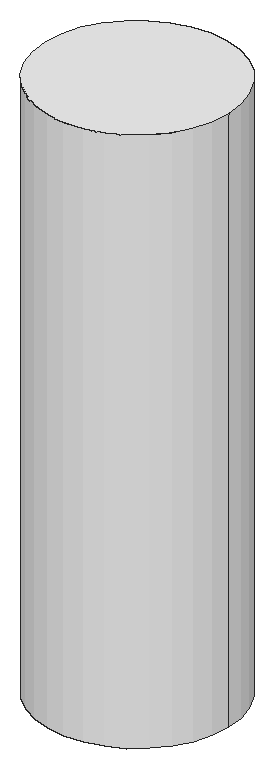
Revit family "05682029", category Plumbing Fixtures, Revit 2020
Family settings
  Round Connector Dimension = Use Diameter
  Part Type = Normal
  OmniClass Number = 23.45.55.00
  OmniClass Title = Sanitary Faucets, Wastes
  Work Plane-Based = No
  Always vertical = Yes
  Cut with Voids When Loaded = No
  Shared = No
  Room Calculation Point = No
Parameters (values of type "05682029 High washbasin faucet, 230/9 V, Bluetooth ")
  Working Pressure = "100 - 1000 kPa"
  WarrantyStartDate [instance] = "n/a"
  WarrantyGuarantorParts = "n/a"
  WarrantyGuarantorLabor = "n/a"
  WarrantyDurationUnit = "Year"
  WarrantyDurationParts = "n/a"
  WarrantyDurationLabor = "n/a"
  WarrantyDescription = "http://warranty.hansa.com"
  Warranty Information URL = "http://warranty.hansa.com"
  VersionDate = "01/06/2023"
  Version = "1"
  ValvePattern = "n/a"
  ValveOperation = "n/a"
  ValveMechanism = "n/a"
  Uniclass2015Reference = "Pr_40_20_87_96"
  Uniclass2015Description = "Washbasin manual water supply sets"
  Uniclass2 = "Pr_40_30_96_96"
  URL WEEE = "http://static.hansa.com/WEEE/05682029"
  URL REACH = "http://static.hansa.com/doc/reach"
  URL EcoLabel Declaration = "http://static.hansa.com/doc/EcoLabel"
  URL EU Packaging Declaration = "http://static.hansa.com/doc/packaging"
  URL Declaration of SCIP = "http://static.hansa.com/doc/SCIP"
  URL Declaration of Conformity = "http://static.hansa.com/DoC/05682029"
  URL Declaration of Asbestos = "http://static.hansa.com/doc/asbestos"
  URL Declaration Of Performance (DOP) = "http://static.hansa.com/doc/DoP"
  URL ABP = "http://static.hansa.com/ABP/05682029"
  URL = ""
  UNSPSC Class Number = "30181700 Faucets or taps"
  TestPressure = "n/a"
  Technical DataSheet URL = "http://www.hansa.com/datasheet/05682029/en"
  TagNumber [instance] = "n/a"
  SustainabilityPerformance = "n/a"
  Surface treatment = "Chrome"
  Spout Type = "Fixed spout;Casted construction"
  Spout Projection = "136 mm"
  Special Features = "Waterways without nickel, adjustable settings BT, leadfree"
  Spare-Part Information URL = "http://static.hansa.com/sp/05682029"
  Size = "55x166.5x174 mm"
  Shape = "Sculptured"
  SerialNumber [instance] = "n/a"
  Sales Package dimensions (LxWxH) = "380 x 180 x 74"
  Revision = "n/a"
  ReplacementCost = "n/a"
  Protection Class = "IP 55 / transformer IP 20"
  ProductInformation = "n/a"
  Product URL = "http://static.hansa.com/05682029"
  Product Image URL = "http://static.hansa.com/image/05682029"
  Product Family = "HANSAMEDIPRO XL"
  Product Code = "05682029"
  OperatingMechanismMaterial = "n/a"
  Operating Voltage = 912 V
  Operating Distance = "20-130 mm (110/130/160 mm)"
  NominalWidth = 55 mm
  NominalHeight = 174 mm
  NominalDepth = 166.5 mm
  Noise Class = "I (ISO 3822)"
  Name_en = "05682029 High washbasin faucet, 230/9 V, Bluetooth"
  Name = "05682029 High washbasin faucet, 230/9 V, Bluetooth"
  NBSReference = "45-35-70/371"
  NBSDescription = "Water supply fittings for wash basins and troughs"
  Mounting Holes = "1 hole"
  ModelReference = "05682029"
  ModelNumber = "n/a"
  Model = "05682029 High washbasin faucet, 230/9 V, Bluetooth"
  Mobile Product Information URL = "http://mpi.hansa.com/05682029"
  Mechanical Parts = "Litter filter(s);Non-return valve(s)"
  Max. Hot Water Supply = 70 °C
  Max Flow Period = "2 min (1 - 1800 s)"
  Material = "Brass"
  Market = "Austria;Belgium;Czech Republic;Germany;Spain;France;International;Italy;Netherlands;Slovakia"
  ManufacturerURL = "http://www.hansa.com"
  ManufacturerName = "HANSA"
  Manufacturer = "HANSA"
  Interactive AR View URL = "https://static.hansa.com/AR/05682029"
  InstallationDate [instance] = "n/a"
  Installation and Maintenance Guide URL = "http://static.hansa.com/manual/05682029"
  Installation Type = "Deck mounted"
  InletConnectionSize = 10 mm
  IfcExportType = "FAUCET"  # constant formula
  IfcExportAs = "IfcValveType"  # constant formula
  Group = "Washbasin faucet"
  Grade = "n/a"
  FlowCoefficient = 0
  Flow Rate At 300kPa With Flow Controller = 0.1 L/s
  Flow Drawing URL = "http://static.hansa.com/flowchart/05682029"
  Finish = "Polished"
  Features = "Touchless;Plug transformer;Bluetooth®"
  FaucetMainMaterial = Brass
  FDV Document URL = "http://www.hansa.com/datasheet/05682029/en/fdv"
  ExpectedLife = "n/a"
  Excluded Items = "Without pop-up waste;Without draw-rod opening"
  Electronic Parts = "Autofocus infrared sensor;Solenoid valve;Power supply"
  Electrical Connection = "230 / 9 V"
  ETIM Class Number = "EC010340 Electronic tap"
  EN Standard = "EN 15091,\nETSI EN 301 489-1 V1.9.2 , \nETSI EN 300 328 v2.2.2 , \nEN 61000-6-1:2007 , \nEN 61000-6-3:2007+A1:2011+AC:2012 , \nEN 60335-1:2012+A11+A13+A1+A14+A2+A15:2021, Part 19.11.4"
  EMC Directive = "Radio Equipment Directive 2014/53/EU , \nLow Voltage Directive 2014/35/EU , \nEMC Directive 2014/30/EU , \nRoHS Directive 2011/65/EU"
  EAN Number = "4057304005008"
  DurationUnit = "Year"
  Dimension Drawing URL = "http://static.hansa.com/dimdrw/05682029"
  Description = ""
  DefaultElevation [instance] = 900 mm
  Default Elevation = 0 mm
  Constituents = "n/a"
  Connection Size = "G3/8"
  Connection = "Flexible inlet pipes;One inlet for cold or premixed water;Special coating for hygienic premises"
  Color = "Chrome"
  CodePerformance = "n/a"
  CloseOffRating = 0
  Catalog Drawing URL = "http://static.hansa.com/catdrw/05682029"
  Brand = "HANSA"
  BodyMaterial = "Brass"
  Bluetooth = "4.x (D034445)"
  Barcode [instance] = "n/a"
  Backflow Prevention EN1717 = "AA"
  BIMObjectName = "05682029"
  Automatic Flush Period = "30 s (1-1800 s)"
  Automatic Flush Frequency = "off (off/1-120 h)"
  Author = "BIMStone"
  AssetType = "Fixed"
  AssetIdentifier [instance] = "n/a"
  Approval ABP = "P-IX 29469/IO"
  Ambience photo = "http://static.hansa.com/ambience/05682029"
  Afterflow Period = "3 s (1-20 s)"
  Aerator = "Laminar stream"
  Advanced Features = "Inner body made of DZR brass;Surfaces in contact with drinking water contain less than 0.3% lead;Waterways without nickel coating;;Software settings adjustable via App"
  AccessibilityPerformance = "n/a"
  3D View = "https://static.hansa.com/AR/05682029"
  2D/3D/BIM Files URL = "http://static.hansa.com/bim/05682029"
Reference planes
  plane 1 "Center (Front/Back)": y = 0
  plane 2: z = 0
  plane 3 "Center (Left/Right)": x = 0
  plane 4: x = -27.5
  plane 5: x = 27.5
  plane 6: y = -166.5
  plane 7: z = 1074
  plane 8: z = 900
  plane 9: z = 870
Forms (mm)
  Extrusion 1, solid, material "Brass" <- "FaucetMainMaterial", detail levels medium
    sketch origin (0, 0, 0) x (0, 1, 0) y (0, 0, 1)
      loop
        line (0, 900) -> (-14.379, 1050.418) -> (-148.119, 1074) -> (-161.474, 1074) -> (-166.5, 1045.495) -> (-86.606, 1031.408)
        arc (-86.606, 1031.408) -> (-67.874, 1021.993) -> (-59.728, 1002.675) r 30.321
        line (-59.728, 1002.675) -> (-55, 900) -> (0, 900)
    from -27.5 to 27.5
  Extrusion 2, solid, material "Brass" <- "FaucetMainMaterial", detail levels coarse
    sketch origin (0, 0, 0) x (1, 0, 0) y (0, 1, 0)
      loop
        line (-27.5, 0) -> (-27.5, -166.5) -> (27.5, -166.5) -> (27.5, 0) -> (-27.5, 0)
    from 900 to 1074
  Extrusion 3, solid, material "Brass" <- "FaucetMainMaterial"
    sketch origin (0, 0, 0) x (1, 0, 0) y (0, 1, 0)
      loop
        circle (0, -27.5) r 5
    from 870 to 900
Lines and regions (mm)
  symbolic lines, detail levels medium+fine
    curve 1: line (-15.5, -69.537, 0) -> (-15.5, -149.141, 0)
    curve 2: arc (-22.324, -45.737, 0) -> (-17.24, -57.157, 0) -> (-15.5, -69.537, 0) r 44.913
    curve 3: arc (-27.502, -27.489, 0) -> (-26.212, -36.982, 0) -> (-22.324, -45.737, 0) r 33.978
    curve 4: arc (27.5, -27.489, 0) -> (27.347, -24.595, 0) -> (26.89, -21.734, 0) r 27.502
    curve 5: line (15.499, -71.499, 0) -> (15.499, -149.141, 0)
    curve 6: arc (22.753, -45.031, 0) -> (17.345, -57.777, 0) -> (15.499, -71.499, 0) r 51.914
    curve 7: arc (27.5, -27.489, 0) -> (27.182, -32.345, 0) -> (26.175, -37.105, 0) r 33.977
    curve 8: spline (-15.5, -149.141, 0) -> (-15.464, -150.192, 0) -> (-15.356, -151.239, 0) -> (-15.177, -152.275, 0) -> (-14.927, -153.297, 0) -> (-14.608, -154.3, 0) -> (-14.221, -155.279, 0) -> (-13.767, -156.229, 0) -> (-13.25, -157.147, 0) -> (-12.671, -158.027, 0) -> (-12.033, -158.866, 0) -> (-11.34, -159.659, 0) -> (-10.593, -160.404, 0)
    curve 10: spline (10.592, -160.404, 0) -> (11.339, -159.659, 0) -> (12.032, -158.866, 0) -> (12.67, -158.027, 0) -> (13.249, -157.147, 0) -> (13.766, -156.23, 0) -> (14.219, -155.279, 0) -> (14.606, -154.3, 0) -> (14.926, -153.298, 0) -> (15.175, -152.275, 0) -> (15.355, -151.239, 0) -> (15.463, -150.192, 0) -> (15.499, -149.141, 0)
    curve 11: arc (-10.593, -160.404, 0) -> (0, -166.501, 0) -> (10.592, -160.404, 0) r 12.251
    curve 12: arc (26.89, -21.734, 0) -> (-2.895, -0.141, 0) -> (-27.502, -27.489, 0) r 27.501
    curve 13: line (0, 0, 900) -> (0, -55, 900)
    curve 14: line (0, -55, 900) -> (0, -56.156, 916.535)
    curve 15: line (0, -56.848, 926.423) -> (0, -57.158, 934.633)
    curve 16: arc (0, -59.718, 1002.424) -> (0, -67.789, 1021.901) -> (0, -86.606, 1031.408) r 30.321
    curve 17: line (0, -86.606, 1031.408) -> (0, -137.511, 1040.384)
    curve 18: line (0, -137.511, 1040.384) -> (0, -143.636, 1043.989)
    curve 19: arc (0, -164.599, 1056.328) -> (0, -160.424, 1068.954) -> (0, -148.119, 1074) r 15.911
    curve 20: line (0, -148.119, 1074) -> (0, -42.816, 1054.716)
    curve 21: arc (0, -42.816, 1054.716) -> (0, -35.062, 1052.703) -> (0, -27.682, 1049.584) r 54.98
    curve 22: arc (0, -27.682, 1049.584) -> (0, -17.813, 1041.367) -> (0, -12.418, 1029.713) r 29.231
    curve 23: line (0, -12.418, 1029.713) -> (0, -1.858, 926.431)
    curve 24: line (0, -1.858, 926.431) -> (0, 0, 900)
    curve 25: line (0, -145.977, 1040.013) -> (0, -166.5, 1051.862)
    curve 26: line (0, -166.5, 1051.862) -> (0, -164.059, 1056.01)
    curve 27: line (0, -145.977, 1040.013) -> (0, -143.636, 1043.989)
    curve 29: line (0, -164.059, 1056.01) -> (0, -164.599, 1056.328)
    curve 30: arc (0, -57.413, 941.388) -> (0, -58.589, 937.961) -> (0, -57.158, 934.633) r 5.032
    curve 31: arc (0, -56.638, 923.431) -> (0, -57.788, 919.886) -> (0, -56.156, 916.535) r 4.983
    curve 32: line (0, -56.638, 923.431) -> (0, -56.848, 926.423)
    curve 34: line (0, -57.413, 941.388) -> (0, -59.718, 1002.424)
    curve 36: arc (26.175, -37.105, 0) -> (24.717, -41.177, 0) -> (22.753, -45.031, 0) r 33.977
    curve 37: line (-27.5, 0, 900) -> (27.5, 0, 900)
    curve 38: line (-27.5, 0, 900) -> (-27.5, 0, 926.446)
    curve 39: line (-27.5, 0, 926.446) -> (-24.359, 0, 1016.391)
    curve 40: arc (-24.359, 0, 1016.391) -> (-21.799, 0, 1031.69) -> (-15.365, 0, 1045.804) r 59.407
    curve 41: line (-15.365, 0, 1045.804) -> (-15.365, 0, 1058.848)
    curve 42: line (27.5, 0, 900) -> (27.5, 0, 926.446)
    curve 43: line (27.5, 0, 926.446) -> (24.359, 0, 1016.391)
    curve 44: arc (24.359, 0, 1016.391) -> (21.799, 0, 1031.69) -> (15.365, 0, 1045.804) r 59.407
    curve 45: line (15.365, 0, 1045.804) -> (15.365, 0, 1058.848)
    curve 46: spline (-15.365, 0, 1058.848) -> (-14.842, 0, 1062.769) -> (-13.307, 0, 1066.424) -> (-10.865, 0, 1069.562) -> (-7.683, 0, 1071.97) -> (-3.977, 0, 1073.484) -> (0, 0, 1074) -> (3.977, 0, 1073.484) -> (7.683, 0, 1071.97) -> (10.865, 0, 1069.562) -> (13.307, 0, 1066.424) -> (14.842, 0, 1062.769) -> (15.365, 0, 1058.848)
  symbolic lines, detail levels fine
    curve 9: spline (-10.593, -160.404, 0) -> (-9.095, -161.635, 0) -> (-7.454, -162.669, 0) -> (-5.695, -163.491, 0) -> (-3.847, -164.087, 0) -> (-1.939, -164.448, 0) -> (0, -164.57, 0) -> (1.938, -164.448, 0) -> (3.846, -164.087, 0) -> (5.694, -163.491, 0) -> (7.453, -162.669, 0) -> (9.094, -161.635, 0) -> (10.592, -160.404, 0)
    curve 28: line (0, -143.636, 1043.989) -> (0, -164.059, 1056.01)
    curve 33: line (0, -56.156, 916.535) -> (0, -56.638, 923.431)
    curve 35: line (0, -57.158, 934.633) -> (0, -57.413, 941.388)
    curve 47: circle (0, 0, 937.975) r 3.491 normal (0, -1, 0)
    curve 48: circle (0, 0, 919.975) r 3.491 normal (0, -1, 0)
    curve 49: spline (-15.365, 0, 1058.848) -> (-15.342, 0, 1058.007) -> (-15.271, 0, 1057.17) -> (-15.153, 0, 1056.337) -> (-14.989, 0, 1055.512) -> (-14.778, 0, 1054.698) -> (-14.522, 0, 1053.896) -> (-14.221, 0, 1053.11) -> (-13.876, 0, 1052.341) -> (-13.489, 0, 1051.592) -> (-13.06, 0, 1050.865) -> (-12.591, 0, 1050.163) -> (-12.084, 0, 1049.488)
    curve 50: spline (12.084, 0, 1049.488) -> (12.591, 0, 1050.163) -> (13.06, 0, 1050.865) -> (13.489, 0, 1051.592) -> (13.876, 0, 1052.341) -> (14.221, 0, 1053.11) -> (14.522, 0, 1053.896) -> (14.778, 0, 1054.698) -> (14.989, 0, 1055.512) -> (15.153, 0, 1056.337) -> (15.271, 0, 1057.17) -> (15.342, 0, 1058.007) -> (15.365, 0, 1058.848)
    curve 51: spline (-11.212, 0, 1052.032) -> (-10.105, 0, 1053.228) -> (-8.604, 0, 1054.277) -> (-6.766, 0, 1055.139) -> (-4.663, 0, 1055.78) -> (-2.378, 0, 1056.175) -> (0, 0, 1056.308) -> (2.378, 0, 1056.175) -> (4.663, 0, 1055.78) -> (6.766, 0, 1055.139) -> (8.604, 0, 1054.277) -> (10.105, 0, 1053.228) -> (11.212, 0, 1052.032)
    curve 52: line (-11.212, 0, 1047.289) -> (-11.212, 0, 1046.089)
    curve 53: line (11.212, 0, 1047.289) -> (11.212, 0, 1046.089)
    curve 54: spline (11.212, 0, 1052.032) -> (11.476, 0, 1051.624) -> (11.694, 0, 1051.207) -> (11.864, 0, 1050.784) -> (11.986, 0, 1050.355) -> (12.059, 0, 1049.922) -> (12.084, 0, 1049.488) -> (12.059, 0, 1049.054) -> (11.986, 0, 1048.622) -> (11.864, 0, 1048.193) -> (11.694, 0, 1047.769) -> (11.476, 0, 1047.352) -> (11.212, 0, 1046.944)
    curve 55: spline (11.212, 0, 1046.089) -> (10.83, 0, 1047.493) -> (9.71, 0, 1048.801) -> (7.928, 0, 1049.925) -> (5.606, 0, 1050.787) -> (2.902, 0, 1051.328) -> (0, 0, 1051.513) -> (-2.902, 0, 1051.328) -> (-5.606, 0, 1050.787) -> (-7.928, 0, 1049.925) -> (-9.71, 0, 1048.801) -> (-10.83, 0, 1047.493) -> (-11.212, 0, 1046.089) -> (-10.83, 0, 1044.686) -> (-9.71, 0, 1043.377) -> (-7.928, 0, 1042.254) -> (-5.606, 0, 1041.392) -> (-2.902, 0, 1040.85) -> (0, 0, 1040.665) -> (2.902, 0, 1040.85) -> (5.606, 0, 1041.392) -> (7.928, 0, 1042.254) -> (9.71, 0, 1043.377) -> (10.83, 0, 1044.686) -> (11.212, 0, 1046.089)
    curve 56: spline (11.212, 0, 1047.289) -> (10.83, 0, 1048.693) -> (9.71, 0, 1050.001) -> (7.928, 0, 1051.125) -> (5.606, 0, 1051.987) -> (2.902, 0, 1052.528) -> (0, 0, 1052.713) -> (-2.902, 0, 1052.528) -> (-5.606, 0, 1051.987) -> (-7.928, 0, 1051.125) -> (-9.71, 0, 1050.001) -> (-10.83, 0, 1048.693) -> (-11.212, 0, 1047.289)
    curve 57: spline (-11.212, 0, 1046.944) -> (-11.476, 0, 1047.352) -> (-11.694, 0, 1047.769) -> (-11.864, 0, 1048.193) -> (-11.986, 0, 1048.622) -> (-12.059, 0, 1049.054) -> (-12.084, 0, 1049.488) -> (-12.059, 0, 1049.922) -> (-11.986, 0, 1050.355) -> (-11.864, 0, 1050.784) -> (-11.694, 0, 1051.207) -> (-11.476, 0, 1051.624) -> (-11.212, 0, 1052.032)
Dimensions and locks
  equal spacing: plane 4, plane 3 "Center (Left/Right)", plane 5
  "NominalDepth": plane 6 to plane 1 "Center (Front/Back)"
  "NominalHeight": plane 7 to plane 8
  "DefaultElevation": plane 8 to level
  locked: plane 8 to plane 9 at 30
  "NominalWidth": plane 4 to plane 5
  "InletConnectionSize": diameter of Extrusion 3 sketch curve
  aligned and locked: level to plane 2
  aligned and locked: plane 7 to Extrusion 2
  aligned and locked: Extrusion 2 to plane 8
  aligned and locked: plane 8 to Extrusion 3
  aligned and locked: Extrusion 3 to plane 9
  aligned and locked: import instance to plane 8
Automatic sketch dimensions
  curve 25 to plane 6 = 0 mm
  curve 19 to plane 7 = 0 mm
  curve 14 to plane 8 = 0 mm
  curve 13 to plane 1 "Center (Front/Back)" = 0 mm
  plane 6 to curve 29 = 1.901 mm
  curve 19 to curve 29 = 0.54 mm
  curve 26 to curve 19 = 15.271 mm
  curve 19 to curve 20 = 0.668 mm
  curve 19 to curve 25 = 2.811 mm
  curve 25 to curve 27 = 2.34 mm
  curve 18 to curve 17 = 6.125 mm
  curve 17 to curve 16 = 47.494 mm
  curve 16 to curve 17 = 3.411 mm
  curve 16 to curve 34 = 30.299 mm
  plane 1 "Center (Front/Back)" to curve 32 = 56.848 mm
  curve 32 to curve 14 = 1.848 mm
  curve 32 to curve 30 = 3.287 mm
  curve 32 to curve 31 = 4.031 mm
  curve 16 to curve 21 = 6.999 mm
  curve 20 to plane 7 = 19.284 mm
  plane 1 "Center (Front/Back)" to curve 20 = 42.816 mm
  curve 21 to curve 22 = 11.726 mm
  plane 1 "Center (Front/Back)" to curve 23 = 12.418 mm
  plane 1 "Center (Front/Back)" to curve 23 = 1.858 mm
  plane 8 to curve 24 = 26.431 mm
  curve 32 to curve 30 = 11.728 mm
  curve 21 to curve 20 = 54.081 mm
  curve 21 to curve 16 = 0.645 mm
  curve 21 to curve 34 = 1.789 mm
  curve 21 to curve 22 = 22.924 mm
  curve 23 to curve 21 = 19.871 mm
  curve 25 to plane 7 = 33.987 mm
  curve 25 to curve 18 = 0.371 mm
  curve 30 to curve 30 = 3.852 mm
  curve 32 to curve 31 = 0.209 mm
  curve 31 to curve 31 = 3.34 mm
  curve 31 to curve 31 = 3.699 mm
  curve 31 to curve 15 = 2.992 mm
  plane 8 to curve 14 = 16.535 mm
  curve 30 to curve 34 = 3.237 mm
  plane 8 to curve 15 = 34.633 mm
  Extrusion 1 sketch curve to plane 6 = 0 mm
  Extrusion 1 sketch curve to plane 7 = 0 mm
  Extrusion 1 sketch curve to plane 8 = 0 mm
  Extrusion 1 sketch curve to plane 1 "Center (Front/Back)" = 0 mm
  plane 6 to Extrusion 1 sketch curve = 5.026 mm
  Extrusion 1 sketch curve to Extrusion 1 sketch curve = 13.354 mm
  plane 6 to Extrusion 1 sketch curve = 76.483 mm
  Extrusion 1 sketch curve to Extrusion 1 sketch curve = 3.411 mm
  Extrusion 1 sketch curve to Extrusion 1 sketch curve = 30.289 mm
  plane 1 "Center (Front/Back)" to Extrusion 1 sketch curve = 55 mm
  Extrusion 1 sketch curve to plane 7 = 72.72 mm
  Extrusion 1 sketch curve to Extrusion 1 sketch curve = 1.395 mm
  plane 1 "Center (Front/Back)" to Extrusion 1 sketch curve = 14.379 mm
  Extrusion 1 sketch curve to plane 7 = 23.582 mm
  Extrusion 2 sketch curve to plane 4 = 0 mm
  Extrusion 2 sketch curve to plane 6 = 0 mm
  plane 1 "Center (Front/Back)" to Extrusion 2 sketch curve = 0 mm
  curve 7 to curve 36 = 0 mm  (x2)
  curve 8 to plane 3 "Center (Left/Right)" = 0 mm
  curve 11 to plane 3 "Center (Left/Right)" = 0 mm
  curve 12 to plane 3 "Center (Left/Right)" = 0.001 mm
  curve 4 to curve 12 = 0.001 mm  (x2)
  curve 36 to plane 3 "Center (Left/Right)" = 6.476 mm
  plane 4 to curve 1 = 12 mm
  curve 2 to plane 4 = 32.913 mm
  plane 3 "Center (Left/Right)" to curve 3 = 6.475 mm
  curve 5 to plane 5 = 12.001 mm
  plane 6 to curve 11 = 12.25 mm
  curve 11 to curve 5 = 5.109 mm
  curve 10 to curve 1 = 0 mm
  plane 1 "Center (Front/Back)" to curve 5 = 71.499 mm
  curve 5 to curve 1 = 1.962 mm
  plane 1 "Center (Front/Back)" to curve 36 = 27.708 mm
  curve 7 to curve 3 = 0.001 mm
  curve 7 to curve 4 = 0.218 mm
  curve 9 to plane 3 "Center (Left/Right)" = 0 mm
  curve 10 to curve 9 = 0 mm
  plane 6 to curve 9 = 6.096 mm
  curve 9 to plane 3 "Center (Left/Right)" = 10.593 mm
  curve 9 to curve 1 = 0 mm
  curve 1 to curve 9 = 0 mm
  curve 12 to curve 3 = 5.178 mm
  curve 36 to plane 5 = 1.325 mm
  curve 12 to plane 5 = 0.61 mm
  plane 5 to curve 6 = 39.912 mm
  plane 5 to Extrusion 2 sketch curve = 0 mm
  curve 37 to plane 4 = 0 mm
  curve 48 to plane 3 "Center (Left/Right)" = 0 mm
  curve 49 to plane 3 "Center (Left/Right)" = 0 mm
  curve 57 to plane 3 "Center (Left/Right)" = 0 mm
  curve 46 to plane 3 "Center (Left/Right)" = 0 mm
  curve 47 to plane 3 "Center (Left/Right)" = 0 mm
  curve 50 to plane 3 "Center (Left/Right)" = 0 mm
  curve 55 to plane 3 "Center (Left/Right)" = 0 mm
  curve 51 to plane 3 "Center (Left/Right)" = 0 mm
  curve 54 to plane 3 "Center (Left/Right)" = 0 mm
  curve 43 to plane 5 = 0 mm
  curve 37 to plane 8 = 0 mm
  curve 44 to plane 4 = 7.512 mm
  plane 4 to curve 39 = 3.141 mm
  plane 4 to curve 41 = 12.135 mm
  curve 40 to curve 52 = 4.154 mm
  curve 43 to plane 5 = 3.141 mm
  plane 5 to curve 40 = 7.512 mm
  plane 8 to curve 48 = 19.975 mm
  plane 8 to curve 38 = 26.446 mm
  curve 48 to curve 47 = 18 mm
  curve 40 to plane 7 = 59.682 mm
  curve 44 to plane 7 = 59.682 mm
  curve 40 to curve 43 = 2.073 mm
  curve 44 to curve 39 = 2.073 mm
  curve 40 to curve 52 = 1.486 mm
  curve 56 to curve 45 = 11.558 mm
  curve 49 to curve 46 = 0 mm  (x2)
  curve 50 to curve 46 = 0 mm  (x2)
  curve 51 to curve 56 = 0.872 mm
  curve 49 to curve 51 = 0 mm  (x2)
  curve 54 to curve 57 = 0 mm
  curve 54 to curve 51 = 0.872 mm
  curve 51 to curve 50 = 0.872 mm
  plane 8 to curve 42 = 26.446 mm
  curve 52 to curve 52 = 1.2 mm
  curve 55 to curve 53 = 1.2 mm
  curve 53 to curve 55 = 0 mm
  curve 57 to curve 52 = 0.345 mm
  curve 54 to curve 53 = 0.345 mm
  curve 56 to curve 50 = 2.199 mm
  curve 56 to curve 54 = 2.199 mm
  curve 51 to curve 57 = 0 mm
  Extrusion 3 sketch curve to plane 3 "Center (Left/Right)" = 0 mm
  plane 1 "Center (Front/Back)" to Extrusion 3 sketch curve = 27.5 mm
  radius of curve 47 = 3.491 mm
  radius of curve 48 = 3.491 mm
Nested families
  nested 1: "Symbol" at (0, 0, 0), type "Symbol", detail levels coarse
Connectors
  piping at (0, -27.5, 870), diameter 10, driven by "InletConnectionSize"
    settings: on Extrusion 3, index 1, connector inside diameter 609.6 mm, connector length 0 mm, flow factor 0, pipe flow 0.0 L/s, pressure drop 0.0 Pa, fitting loss kfactor 0, connector angle 0.00°, fixture units 0, engagement length 0 mm, angle of deflection 0.00°, flow configuration 1, flow direction 1, fitting loss method 0, system type 19, joint type 0, gender type 0, connector reference index -1, connector utility 0, adjustable connector no, is connector primary yes, connector description ""
Definition of nested family "Symbol"
  Reference planes
    plane 1: y = 0
    plane 2: x = 0
  Lines and regions (mm)
    detail lines
      curve 1: line (0, 0, 0) -> (0, -1.8, 0)
      curve 2: line (-0.4, -1.1, 0) -> (0.4, -1.1, 0)
      curve 3: line (-0.4, -1.4, 0) -> (0.4, -1.4, 0)
      curve 4: line (0.863, 0, 0) -> (-0.863, 0, 0)
      curve 5: circle (-1.163, 0, 0) r 0.3 normal (0, 0, -1)
      curve 6: circle (1.163, 0, 0) r 0.3 normal (0, 0, 1)
